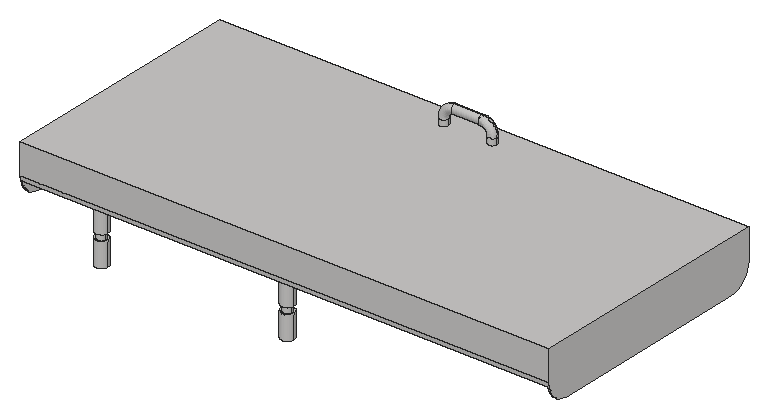
Revit family "QF_ELECTROLUXPROFESSIONAL_865118_HSCRM", category Attrezzature speciali, Revit 2020
Family settings
  Quota connettore circolare = Usa diametro
  Tipo di parte = Normale
  Basato su piano di lavoro = No
  Sempre verticale = Sì
  Taglio con vuoti quando caricato = No
  Condiviso = No
  Punto di calcolo locali = No
Parameters (values of type "Standard")
  Weight = 80.00 kg
  Watts = 50 W
  Volts = 400 V
  URL Manufacturer = "https://www.electroluxprofessional.com/"
  URL = "https://www.electroluxprofessional.com/"
  Steam Supply Size = 0 mm
  Steam Supply Minimum Pressure = 0.0 Pa
  Steam Supply Maximum Pressure = 0.0 Pa
  Steam Consumption per Hour = 0
  Show Clearance [instance] = yes
  Refrigeration Suction Line Size = 0 mm
  Refrigeration Liquid Line Size = 0 mm
  Refrigerant Compressor Remote = yes
  Prospetto di default = 0 mm
  Produttore = "Electrolux Professional"
  Phase = 3
  Modello = "HSCRM"
  Length Actual = 1224 mm  # constant formula
  Item Number = "865118"
  Hot Water Size = 0 mm
  Height Actual = 490 mm  # constant formula
  HP = "0.1 HP"
  Gas Size = 0 mm
  Gas KW = 0
  Gas Input Pressure = 0 W
  Direct Waste Size = 0 mm
  Descrizione = "MAGNETIC CUTLERY REMOVAL DEVICE"
  Depth Actual = 576 mm  # constant formula
  Cycle = 50 Hz
  Condensate Return Size = 0 mm
  Compressed Air Volume = 0.0 L/s
  Compressed Air Size = 0 mm
  Compressed Air Pressure = 0.0 Pa
  Cold Water Size = 0 mm
  Accessory = yes
Reference planes
  plane 1 "Center (Front/Back)": y = 0
  plane 2: z = 0
  plane 3 "FRONT": y = -576
  plane 4 "LEFT": x = -126
  plane 5 "RIGHT": x = 1098
  plane 6: z = 258
  plane 7: x = 486
  plane 8: z = 209
  plane 9: y = -553
  plane 10: y = -23
  plane 11: x = 44
  plane 12: x = 474
Forms (mm)
  Extrusion 1, void
    sketch origin (0, 0, 106) x (1, 0, 0) y (0, 1, 0)
      loop
        line (-123, 100) -> (-123, -622.052) -> (1095, -622.052) -> (1095, 100) -> (-123, 100)
    from -76.179 to 23.688
  Extrusion 2, solid, material "QF_Finishes_Stainless Steel"
    sketch origin (0, 0, 0) x (0, 1, 0) y (0, 0, 1)
      loop
        line (0, 209) -> (-576, 209) -> (-576, 139)
        arc (-576, 139) -> (-561.355, 103.645) -> (-526, 89) r 50
        line (-526, 89) -> (-50, 89)
        arc (-50, 89) -> (-14.645, 103.645) -> (0, 139) r 50
        line (0, 139) -> (0, 209)
    from -126 to 1098
  Sweep 3, solid, material "QF_Finishes_Stainless Steel"
    path origin (0, -45, 0) x (-1, 0, 0) y (0, 0, 1)
      loop
        line (-429.75, 209) -> (-429.75, 223)
        arc (-429.75, 223) -> (-437.072, 240.678) -> (-454.75, 248) r 25
        line (-454.75, 248) -> (-517.25, 248)
        arc (-517.25, 248) -> (-534.928, 240.678) -> (-542.25, 223) r 25
        line (-542.25, 223) -> (-542.25, 209)
    profile origin (429.75, -45, 216) x (1, 0, 0) y (0, 1, 0)
      loop
        circle (0, 0) r 10
  Extrusion 4, solid, material "QF_Finishes_Stainless Steel"
    sketch origin (62, 138, 183.687) x (1, 0, 0) y (0, 1, 0)
      loop
        line (-126, -276) -> (-126, -576) -> (974, -576) -> (974, -276) -> (-126, -276)
    from -108.631 to -54
  Revolve 5, solid, material "QF_Finishes_Stainless Steel"
    sketch origin (-5, -553, 0) x (-1, 0, 0) y (0, 0, 1)
      loop
        line (-44, 0) -> (-44, 5) -> (-34, 5) -> (-34, 60) -> (-39, 60) -> (-39, 75) -> (-34, 75) -> (-34, 129.687) -> (-49, 129.687) -> (-49, 0) -> (-44, 0)
      axis (-49, 0) -> (-49, 129.687)
    angle from 0 to 360
  Revolve 6, solid, material "QF_Finishes_Stainless Steel"
    sketch origin (425, -553, 0) x (-1, 0, 0) y (0, 0, 1)
      loop
        line (-44, 0) -> (-44, 5) -> (-34, 5) -> (-34, 60) -> (-39, 60) -> (-39, 75) -> (-34, 75) -> (-34, 129.687) -> (-49, 129.687) -> (-49, 0) -> (-44, 0)
      axis (-49, 0) -> (-49, 129.687)
    angle from 0 to 360
  Revolve 7, solid, material "QF_Finishes_Stainless Steel"
    sketch origin (-5, -23, 0) x (-1, 0, 0) y (0, 0, 1)
      loop
        line (-44, 0) -> (-44, 5) -> (-34, 5) -> (-34, 60) -> (-39, 60) -> (-39, 75) -> (-34, 75) -> (-34, 129.687) -> (-49, 129.687) -> (-49, 0) -> (-44, 0)
      axis (-49, 0) -> (-49, 129.687)
    angle from 0 to 360
  Revolve 8, solid, material "QF_Finishes_Stainless Steel"
    sketch origin (425, -23, 0) x (-1, 0, 0) y (0, 0, 1)
      loop
        line (-44, 0) -> (-44, 5) -> (-34, 5) -> (-34, 60) -> (-39, 60) -> (-39, 75) -> (-34, 75) -> (-34, 129.687) -> (-49, 129.687) -> (-49, 0) -> (-44, 0)
      axis (-49, 0) -> (-49, 129.687)
    angle from 0 to 360
Cuts and joins
  Extrusion 1 cuts Extrusion 2
Dimensions and locks
  plane 4 "LEFT" to plane 5 "RIGHT" = 1224 mm
  plane 1 "Center (Front/Back)" to plane 3 "FRONT" = 576 mm
  plane 6 to level = 258 mm  (x2)
  plane 5 "RIGHT" to plane 4 "LEFT" = 1224 mm
  plane 8 to level = 209 mm
  plane 10 to plane 9 = 530 mm
  plane 12 to plane 11 = 430 mm
  plane 11 to plane 4 "LEFT" = 170 mm
  aligned and locked: level to plane 2
